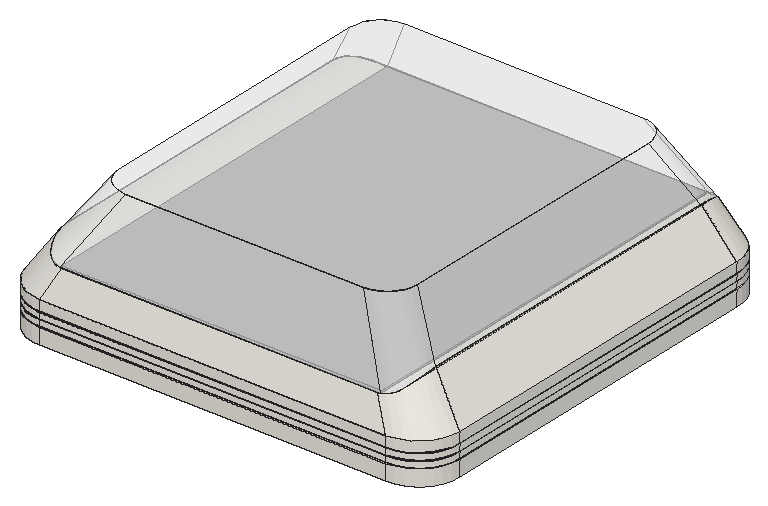
Revit family "Lightronics_LightingFixture_WallAndCeiling_TPB1", category Lighting Fixtures, host Face, Revit 2016
Family settings
  Host = Face
  Part Type = Normal
  Round Connector Dimension = Use Diameter
  OmniClass Number = 23.80.70.00
  OmniClass Title = Lighting
  Cut with Voids When Loaded = No
  Light Source = Yes
  Shared = No
  Room Calculation Point = No
Parameters (values of type "TPS")
  _DistributedBy = "www.bimstore.co.uk"
  _CurrentRevision = 1
  _CreatedBy = "www.bimstore.co.uk"
  _BimSpecGuid = 0
  _BSBibleVersion = 15
  _AuthorizedBy = "Kris Atkinson"
  _Author = "Ryan Wigham"
  Wattage = 9.2903 W
  WarrantyStartDate [instance] = "Please record on commissioning"
  WarrantyGuarantorParts = "info@lightronics.nl"
  WarrantyGuarantorLabor = "info@lightronics.nl"
  WarrantyDurationUnit = "Years"
  WarrantyDurationParts = "5"
  WarrantyDurationLabor = "n/a"
  WarrantyDescription = "n/a"
  built-in parameter 1150110 = 1 (stored number, unit not read)
  Voltage = 230 V
  URL = "https://www.lightronics.nl/en/"
  TypeName = "TPB"
  Type Comments = "Wall and ceiling lighting – Impactproof. Functional and stylishly designed"
  built-in parameter 1114217 = 1 (stored number, unit not read)
  Tilt Angle = 90.00°
  built-in parameter 1150109 = 1 (stored number, unit not read)
  built-in parameter 1150134 = 3
  built-in parameter 1150113 = 1 (stored number, unit not read)
  SpareParts = "n/a"
  Size = "314x314x100"
  Shape = "Square"
  SerialNumber [instance] = "Please record on commissioning"
  ReplacementCost = ""
  ReferencedStandard = "n/a"
  ProductionYear = "2018"
  Photometric Web File = "TPB-OL4-32-6-180-D-F-650-230-X-W.ies"
  NumberOfPoles = 1
  NominalLength = Length  # 314 mm
  NominalHeight = Height  # 100 mm
  NominalDepth = Depth  # 314 mm
  NBSReference = "90-60-50/405"
  NBSOfficeMasterTag = "n/a"
  NBSObjectName = "Lightronics -  General purpose luminaires"
  NBSNote = ""
  NBSDescription = "Surface luminaires"
  ModelReference = "IP 65"
  ModelNumber = "TPB"
  Model = "TPB"
  Material_Lens [instance] = Lightronics - Polycarbonate - Lens - Opal
  Material_Housing [instance] = Lightronics - Polycarbonate - RAL 9010 - White
  Material = "Impact proof, flame-retardant, UV-stabilised polycarbonate"
  ManufacturerName = "Lightronics"
  Manufacturer = "Lightronics"
  built-in parameter 1150105 = 109.82 (stored number, unit not read)
  Lumens = 1380 lm
  built-in parameter 1150115 = 1 (stored number, unit not read)
  built-in parameter 1150137 = (empty or 0)
  built-in parameter 1150139 = (empty or 0)
  Length = 314 mm
  built-in parameter 1150112 = 1 (stored number, unit not read)
  built-in parameter 1150114 = 1 (stored number, unit not read)
  Keynote = "V90/510"
  InstallationDate [instance] = "Please record on commissioning"
  built-in parameter 1150132 = (empty or 0)
  built-in parameter 1150102 = (empty or 0)
  built-in parameter 1150107 = 3200 (stored number, unit not read)
  built-in parameter 1150138 = (empty or 0)
  built-in parameter 1150106 = 1.0982 (stored number, unit not read)
  IfcExportType = "IfcLightFixture"
  IfcExportAs = "IfcLightFixtureTypeEnum.POINTSOURCE"
  Height = 100 mm
  Grade = "n/a"
  Finish = "n/a"
  Features = "n/a"
  ExpectedLife = 10
  Emit from Rectangle Width = 250 mm
  Emit from Rectangle Length = 250 mm
  Emit Shape Visible in Rendering = no
  built-in parameter 1150104 = 13.8 (stored number, unit not read)
  DurationUnit = "20 Years"
  DocumentationTechnical = "n/a"
  DocumentationMaintenance = "n/a"
  DocumentationLiterature = "https://specifi.bimstore.co.uk/document/share/2437"
  DocumentationInstallationGuide = "n/a"
  DocumentationCertificates = "n/a"
  Dimming Lamp Color Temperature Shift = <None>
  Description = "The TPB is a versatile and compact surface-mounted luminaire with very high light output. The TPB luminaire's housing is impactproof and flame-retardant. It can be fitted with up to three light sources. The TPB can also be easily used as emergency lighting."
  Depth = 314 mm
  Default Elevation = 1219.2 mm
  CreatedOn = "2018-03-06T09:00:00"
  CreatedBy = "info@lightronics.nl"
  Constituents = "n/a"
  Color Filter = 16777215
  Color = "Housing: impactproof, flame-retardent, UV-stabilised polycarbonate in white RAL 9010, black RAL 9005 or anthracite RAL7016. Cover: polycarbonate lens, clear prismatic, opal or frosted"
  CodePerformance = "n/a"
  ClassificationValue = "Pr_70_70_48_85"
  ClassificationName = "Uniclass 2015"
  BarCode [instance] = "Please record on commissioning"
  built-in parameter 1114218 = 1 (stored number, unit not read)
  BIMObjectName = "Lightronics_LightingFixture_WallAndCeiling_TPB"
  built-in parameter 1150133 = 10 (stored number, unit not read)
  AssetType = "Fixed"
  AssetIdentifier [instance] = "Please record on commissioning"
  Assembly Code = "D5020200"
  Apparent Load = 0 VA
  AccessibilityPerformance = "n/a"
Reference planes
  plane 1 "Center (Front/Back)": y = 0
  plane 2: z = 0
  plane 3 "Center (Left/Right)": x = 0
  plane 4: x = -157
  plane 5: x = 157
  plane 6: y = 157
  plane 7: y = -157
  plane 8: z = 100
  plane 9 "Lens Cover": z = 51
Forms (mm)
  Extrusion 1, solid, material "Lightronics - Polycarbonate - RAL 9010 - White" <- "Material_Housing"
    sketch origin (0, 0, 0) x (1, 0, 0) y (0, 1, 0)
      loop
        arc (-127, 157) -> (-148.213, 148.213) -> (-157, 127) r 30
        line (-157, 127) -> (-157, -127)
        arc (-157, -127) -> (-148.213, -148.213) -> (-127, -157) r 30
        line (-127, -157) -> (127, -157)
        arc (127, -157) -> (148.213, -148.213) -> (157, -127) r 30
        line (157, -127) -> (157, 127)
        arc (157, 127) -> (148.213, 148.213) -> (127, 157) r 30
        line (127, 157) -> (-127, 157)
    from 0 to 30
  Blend 2, solid, material "Lightronics - Polycarbonate - RAL 9010 - White" <- "Material_Housing"
    base sketch origin (0, 0, 0) x (1, 0, 0) y (0, 1, 0)
      loop
        arc (-127, 157) -> (-148.213, 148.213) -> (-157, 127) r 30
        line (-157, 127) -> (-157, -127)
        arc (-157, -127) -> (-148.213, -148.213) -> (-127, -157) r 30
        line (-127, -157) -> (127, -157)
        arc (127, -157) -> (148.213, -148.213) -> (157, -127) r 30
        line (157, -127) -> (157, 127)
        arc (157, 127) -> (148.213, 148.213) -> (127, 157) r 30
        line (127, 157) -> (-127, 157)
    top sketch origin (0, 0, 0) x (1, 0, 0) y (0, 1, 0)
      loop
        arc (-110, 147) -> (-127.678, 139.678) -> (-135, 122) r 25
        line (-135, 122) -> (-135, -122)
        arc (-135, -122) -> (-127.678, -139.678) -> (-110, -147) r 25
        line (-110, -147) -> (110, -147)
        arc (110, -147) -> (127.678, -139.678) -> (135, -122) r 25
        line (135, -122) -> (135, 122)
        arc (135, 122) -> (127.678, 139.678) -> (110, 147) r 25
        line (110, 147) -> (-110, 147)
    from 30 to 62
  Extrusion 3, void
    sketch origin (0, 0, 0) x (1, 0, 0) y (0, 0, 1)
      loop
        line (-117.106, 51) -> (117.106, 51)
        arc (117.106, 51) -> (127.45, 54.228) -> (135, 62) r 22.013
        line (135, 62) -> (135, 84) -> (-135, 84) -> (-135, 62)
        arc (-135, 62) -> (-127.45, 54.228) -> (-117.106, 51) r 22.013
    from -170.847 to 170.67
  Sweep 4, void
    path origin (0, 0, 15) x (-1, 0, 0) y (0, -1, 0)
      loop
        line (127, 157) -> (-127, 157)
        arc (-127, 157) -> (-148.213, 148.213) -> (-157, 127) r 30
        line (-157, 127) -> (-157, -127)
        arc (-157, -127) -> (-148.213, -148.213) -> (-127, -157) r 30
        line (-127, -157) -> (127, -157)
        arc (127, -157) -> (148.213, -148.213) -> (157, -127) r 30
        line (157, -127) -> (157, 127)
        arc (157, 127) -> (148.213, 148.213) -> (127, 157) r 30
    profile origin (0, -157, 15) x (0, 1, 0) y (0, 0, 1)
      loop
        line (1, 2.5) -> (-4, 2.5) -> (-4, 1.5) -> (1, 1.5) -> (1, 2.5)
      loop
        line (1, -2.5) -> (-4, -2.5) -> (-4, -3.5) -> (1, -3.5) -> (1, -2.5)
      loop
        line (1, 6.5) -> (1, 7.5) -> (-4, 7.5) -> (-4, 6.5) -> (1, 6.5)
  Extrusion 5, solid, material "Glass, White, High Luminance"
    sketch origin (0, 0, 0) x (0, 1, 0) y (0, 0, 1)
      loop
        line (149.19, 51.1) -> (148.724, 52.1) -> (-148.724, 52.1) -> (-149.19, 51.1) -> (149.19, 51.1)
    from -117.106 to 117.106
Cuts and joins
  Extrusion 3 cuts Blend 2
  Sweep 4 cuts Extrusion 1
Dimensions and locks
  equal spacing: plane 4, plane 3 "Center (Left/Right)", plane 5
  equal spacing: plane 7, plane 1 "Center (Front/Back)", plane 6
  "Length": plane 4 to plane 5
  "Depth": plane 6 to plane 7
  "Height": plane 8 to level
  aligned and locked: plane 2 to host face
  aligned and locked: level to host face
  aligned and locked: plane 1 "Center (Front/Back)" to nested 1
Automatic sketch dimensions
  host sketch curve to host sketch curve = 2438.4 mm  (x2)
  Extrusion 1 sketch curve to plane 4 = 0 mm
  Extrusion 1 sketch curve to plane 7 = 0 mm
  Extrusion 1 sketch curve to plane 6 = 0 mm
  Extrusion 1 sketch curve to plane 5 = 0 mm
  plane 4 to Extrusion 1 sketch curve = 30 mm  (x2)
  Extrusion 1 sketch curve to Extrusion 1 sketch curve = 30 mm
  Extrusion 1 sketch curve to plane 5 = 30 mm
  Blend 2 sketch curve to plane 4 = 0 mm
  Blend 2 sketch curve to plane 7 = 0 mm
  Blend 2 sketch curve to plane 6 = 0 mm
  Blend 2 sketch curve to plane 5 = 0 mm
  plane 4 to Blend 2 sketch curve = 30 mm  (x2)
  Blend 2 sketch curve to Blend 2 sketch curve = 30 mm
  Blend 2 sketch curve to plane 5 = 30 mm
  plane 4 to Blend 2 sketch curve = 22 mm
  plane 7 to Blend 2 sketch curve = 10 mm
  Blend 2 sketch curve to Blend 2 sketch curve = 25 mm  (x2)
  Blend 2 sketch curve to plane 5 = 47 mm  (x2)
  Blend 2 sketch curve to plane 6 = 10 mm
  Blend 2 sketch curve to plane 5 = 22 mm
  Sweep 4 sketch curve to plane 5 = 0 mm
  Sweep 4 sketch curve to plane 6 = 0 mm
  Sweep 4 sketch curve to plane 7 = 0 mm
  Sweep 4 sketch curve to plane 4 = 0 mm
  Sweep 4 sketch curve to Sweep 4 sketch curve = 30 mm  (x2)
  plane 4 to Sweep 4 sketch curve = 30 mm  (x2)
  profile plane to Sweep 4 sketch curve = 4 mm  (x3)
  Sweep 4 sketch curve to profile plane = 1 mm  (x3)
  Sweep 4 sketch curve to profile plane = 3.5 mm
  Sweep 4 sketch curve to Sweep 4 sketch curve = 1 mm  (x3)
  profile plane to Sweep 4 sketch curve = 1.5 mm
  Sweep 4 sketch curve to Sweep 4 sketch curve = 4 mm
  Extrusion 3 sketch curve to plane 9 "Lens Cover" = 0 mm
  plane 9 "Lens Cover" to Extrusion 3 sketch curve = 11 mm
  plane 4 to Extrusion 3 sketch curve = 22 mm
  Extrusion 3 sketch curve to Extrusion 3 sketch curve = 17.894 mm
  plane 9 "Lens Cover" to Extrusion 3 sketch curve = 21.981 mm  (x2)
  Extrusion 3 sketch curve to plane 5 = 41.078 mm
  Extrusion 3 sketch curve to Extrusion 3 sketch curve = 1.185 mm
  Extrusion 3 sketch curve to plane 8 = 16 mm
  Extrusion 3 sketch curve to plane 5 = 22 mm
  Extrusion 5 sketch curve to plane 6 = 7.81 mm
  plane 9 "Lens Cover" to Extrusion 5 sketch curve = 0.1 mm
  Extrusion 5 sketch curve to Extrusion 5 sketch curve = 0.466 mm  (x2)
  plane 9 "Lens Cover" to Extrusion 5 sketch curve = 1.1 mm
  plane 7 to Extrusion 5 sketch curve = 8.276 mm
Nested families
  nested 1: "Lightronics_TPB_LensCover" at (0, 0, 0), type "Lightronics_TPB_LensCover"
Connectors
  electrical at (0, 0, 0), driven by "NumberOfPoles", driven by "Voltage", driven by "Apparent Load"
    settings: on cut or joined group of Extrusion 1, Sweep 4, index 1, voltage 230 V, apparent load 0 VA, apparent load phase1 0 VA, apparent load phase2 0 VA, apparent load phase3 0 VA, power factor 1, load classification "Lighting", number of poles 1, system type 31, power factor state 1, is connector primary yes, connector utility no, sub classification motor no, connector description ""
Definition of nested family "Lightronics_TPB_LensCover"
  Parameters (values of type "Lightronics_TPB_LensCover")
    Material_Lens = none
    Default Elevation = 1219.2 mm
  Reference planes
    plane 1 "Center (Front/Back)": y = 0
    plane 2: z = 0
    plane 3 "Center (Left/Right)": x = 0
    plane 4: x = -157
    plane 5: x = 157
    plane 6: y = 157
    plane 7: y = -157
    plane 8: z = 43
  Forms (mm)
    Extrusion 1, solid
      sketch origin (0, 0, 0) x (1, 0, 0) y (0, 1, 0)
        loop
          line (-1219.2, 1219.2) -> (-1219.2, -1219.2) -> (1219.2, -1219.2) -> (1219.2, 1219.2) -> (-1219.2, 1219.2)
      from 0 to -304.8
    Extrusion 2, void
      sketch origin (0, 0, -0.7) x (1, 0, 0) y (0, 0, 1)
        loop
          arc (-117.106, 51.8) -> (-127.45, 55.028) -> (-135, 62.8) r 22.013
          line (-135, 62.8) -> (-160, 62.8) -> (-160, 41.8) -> (160, 41.8) -> (160, 62.8) -> (135, 62.8)
          arc (135, 62.8) -> (127.45, 55.028) -> (117.106, 51.8) r 22.013
          line (117.106, 51.8) -> (-117.106, 51.8)
      from -166.787 to 165
    Blend 3, solid, material <- "Material_Lens"
      base sketch origin (0, 0, 0) x (1, 0, 0) y (0, 1, 0)
        loop
          arc (-120.5, 152.3) -> (-138.178, 144.978) -> (-145.5, 127.3) r 25
          line (-145.5, 127.3) -> (-145.5, -127.3)
          arc (-145.5, -127.3) -> (-138.178, -144.978) -> (-120.5, -152.3) r 25
          line (-120.5, -152.3) -> (120.5, -152.3)
          arc (120.5, -152.3) -> (138.178, -144.978) -> (145.5, -127.3) r 25
          line (145.5, -127.3) -> (145.5, 127.3)
          arc (145.5, 127.3) -> (138.178, 144.978) -> (120.5, 152.3) r 25
          line (120.5, 152.3) -> (-120.5, 152.3)
      top sketch origin (0, 0, 0) x (1, 0, 0) y (0, 1, 0)
        loop
          arc (-87.22, 127.516) -> (-102.555, 121.164) -> (-108.906, 105.829) r 21.686
          line (-108.906, 105.829) -> (-108.906, -105.829)
          arc (-108.906, -105.829) -> (-102.555, -121.164) -> (-87.22, -127.516) r 21.686
          line (-87.22, -127.516) -> (87.22, -127.516)
          arc (87.22, -127.516) -> (102.555, -121.164) -> (108.906, -105.829) r 21.686
          line (108.906, -105.829) -> (108.906, 105.829)
          arc (108.906, 105.829) -> (102.555, 121.164) -> (87.22, 127.516) r 21.686
          line (87.22, 127.516) -> (-87.22, 127.516)
      from 46.792 to 100
    Extrusion 4, void
      sketch origin (0, 0, 0) x (1, 0, 0) y (0, 0, 1)
        loop
          line (-117.106, 51) -> (117.106, 51)
          arc (117.106, 51) -> (127.45, 54.228) -> (135, 62) r 22.013
          line (135, 62) -> (135, 84) -> (-135, 84) -> (-135, 62)
          arc (-135, 62) -> (-127.45, 54.228) -> (-117.106, 51) r 22.013
      from -178.136 to 170.67
  Cuts and joins
    Extrusion 2 cuts Blend 3
  Dimensions and locks
    plane 4 to plane 5 = 314 mm
    plane 7 to plane 6 = 314 mm
    aligned and locked: plane 2 to Extrusion 1
    aligned and locked: level to Extrusion 1
